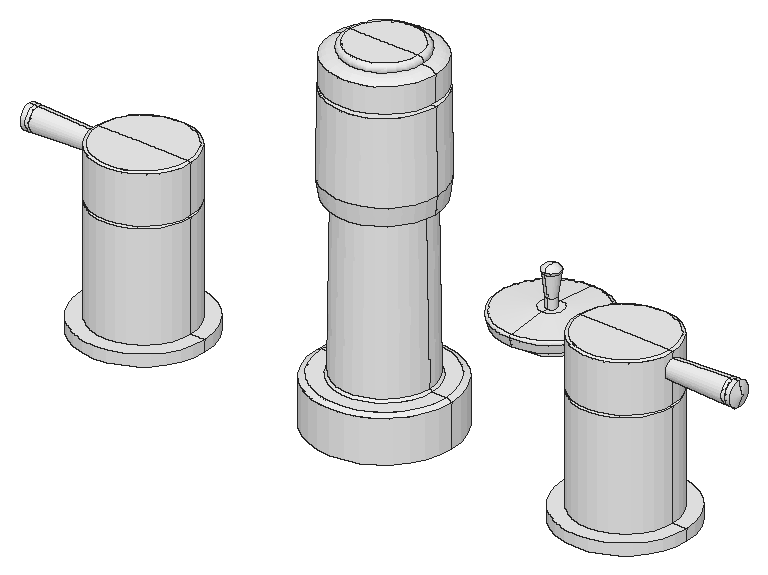
Revit family "Bidet_Two-Handle-American_Standard-Serin-2064.401", category Plumbing Fixtures, Revit 2014
Parameters (values of type "2064.401")
  Width = 0' - 2 1/4"
  Waste Connection = no
  WFU = 2
  Vent Connection = no
  URL = "http://www.americanstandard-us.com/"
  Type Comments = ""
  Specification = "Fixture-Mounted Bidet Fitting. Vacuum breaker. Metal Speed Connect pop-up drain. Lever handles."
  Product URL = "http://www.americanstandard-us.com/bathroom-faucets/serin-fixture-mounted-bidet-fitting-faucet/"
  Product Documentation Link = "http://www.americanstandard-us.com/assets/documents/amstd/spec/SpecSheet_1776.pdf"
  Model = "2064.401"
  Material = "Metal-American Standard-002-Polished Chrome"
  Manufacturer = "American Standard"
  Length = 0' - 8"
  Hot Water Connection Diameter = 0' - 0 1/2"
  Height = 0' - 2 3/4"
  HWFU = 1.5
  HW Connection = yes
  Description = "Serin Fixture-Mounted Bidet Fitting."
  Cost = 0
  Cold Water Connection Diameter = 0' - 0 1/2"
  CWFU = 1.5
  CW Connection = yes
  Assembly Code = "D2020300"
  ADA Compliant = yes
Reference planes (in)
  plane 1: y = 0
  plane 2: z = 0
  plane 3: x = 0
  plane 4: x = -4
  plane 5: x = 4
  plane 6: y = 3.46899
  plane 7: x = -4.7874
  plane 8: x = -4.69882
  plane 9: z = 2.75
  plane 10: x = 4.7874
  plane 11: x = 4.69882
  plane 12: z = 2.75
Forms (in)
  Revolve 1, solid, material "Metal-American Standard-002-Polished Chrome"
    sketch origin (-60, 0, 0) x (1, 0, 0) y (0, 0, 1)
      loop
        line (60, 5.65927) -> (59.43665, 5.65927)
        arc (59.43665, 5.65927) -> (59.37511, 5.62586) -> (59.36962, 5.55605) r 0.07337
        arc (59.36962, 5.55605) -> (59.24706, 5.53623) -> (59.1375, 5.47784) r 0.37871
        line (59.1375, 5.47784) -> (59.1375, 5.06693) -> (59.24371, 5.06693) -> (59.24371, 5.00787) -> (59.12802, 5.00787) -> (59.10497, 3.68704) -> (59.15143, 3.3937) -> (59.2874, 3.3937) -> (59.25197, 0.76915) -> (59.21313, 0.73031) -> (58.97031, 0.73031) -> (58.87795, 0.69111) -> (58.87795, 0) -> (59.44916, 0) -> (59.44916, -0.28194) -> (60, -0.28194) -> (60, 5.65927)
      axis (60, 5.65927) -> (60, -0.28194)
    angle from 0 to 360
  Revolve 2, solid, material "Metal-American Standard-002-Polished Chrome"
    sketch origin (-60, 0, 0) x (1, 0, 0) y (0, 0, 1)
      loop
        line (56, 2.75) -> (55.26007, 2.75) -> (55.2126, 2.72786) -> (55.2126, 1.95383) -> (55.30118, 1.95383) -> (55.30118, 1.91643) -> (55.2126, 1.91643) -> (55.2126, 0.18753) -> (54.97638, 0.18753) -> (54.97638, 0) -> (56, 0) -> (56, 2.75)
      axis (56, 2.75) -> (56, 0)
    angle from 0 to 360
  Revolve 3, solid, material "Metal-American Standard-002-Polished Chrome"
    sketch origin (60, 0, 0) x (-1, 0, 0) y (0, 0, -1)
      loop
        line (56, -2.75) -> (56, 0) -> (54.97638, 0) -> (54.97638, -0.18753) -> (55.2126, -0.18753) -> (55.2126, -1.91643) -> (55.30118, -1.91643) -> (55.30118, -1.95383) -> (55.2126, -1.95383) -> (55.2126, -2.72786) -> (55.26007, -2.75) -> (56, -2.75)
      axis (56, -2.75) -> (56, 0)
    angle from 0 to 360
  Revolve 4, solid, material "Metal-American Standard-002-Polished Chrome"
    sketch origin (0, -60, 0) x (0, 1, 0) y (0, 0, 1)
      loop
        line (63.46899, -0.26674) -> (63.94967, -0.26674) -> (63.94967, -0.03052) -> (64.29496, -0.03052) -> (64.33556, 0.11107)
        arc (64.33556, 0.11107) -> (64.32407, 0.1388) -> (64.29634, 0.15029) r 0.03922
        line (64.29634, 0.15029) -> (63.66298, 0.2057) -> (63.55347, 0.2057) -> (63.55347, 0.3674) -> (63.59921, 0.72848) -> (63.61323, 0.76227)
        arc (63.61323, 0.76227) -> (63.55285, 0.82321) -> (63.46899, 0.8413) r 0.15061
        line (63.46899, 0.8413) -> (63.46899, -0.26674)
      axis (63.46899, 0.8413) -> (63.46899, -0.26674)
    angle from 0 to 360
  Revolve 5, solid, material "Metal-American Standard-002-Polished Chrome"
    sketch origin (60, 0, -0.29687) x (-1, 0, 0) y (0, 0, -1)
      loop
        line (54.05333, -2.78903) -> (54.11286, -2.98374) -> (54.192, -2.98098) -> (54.22441, -2.95744) -> (54.25714, -2.9787) -> (55.41076, -2.93842) -> (55.41076, -2.78903) -> (54.05333, -2.78903)
      axis (54.05333, -2.78903) -> (55.41076, -2.78903)
    angle from 0 to 360
  Revolve 6, solid, material "Metal-American Standard-002-Polished Chrome"
    sketch origin (-60, 0, -0.29687) x (1, 0, 0) y (0, 0, 1)
      loop
        line (54.05333, 2.78903) -> (55.41076, 2.78903) -> (55.41076, 2.93842) -> (54.25714, 2.9787) -> (54.22441, 2.95744) -> (54.192, 2.98098) -> (54.11286, 2.98374) -> (54.05333, 2.78903)
      axis (54.05333, 2.78903) -> (55.41076, 2.78903)
    angle from 0 to 360
Cuts and joins
  joined: Revolve 1, Revolve 2, Revolve 3, Revolve 4
Lines and regions (in)
  Masking region 1
    outline origin (0, 0, 0) x (1, 0, 0) y (0, 1, 0)
      loop
        line (-5.01038, 0.1641) -> (-5.74286, 0.18967) -> (-5.77559, 0.16842) -> (-5.808, 0.19195) -> (-5.88714, 0.19471)
        arc (-5.88714, 0.19471) -> (-5.94679, 0) -> (-5.88714, -0.19471) r 0.34763
        line (-5.88714, -0.19471) -> (-5.808, -0.19195) -> (-5.77559, -0.16842) -> (-5.74286, -0.18967) -> (-5.01038, -0.1641)
        arc (-5.01038, -0.1641) -> (-2.97638, 0) -> (-5.01038, 0.1641) r 1.02362
      loop
        arc (5.01038, 0.1641) -> (2.97638, 0) -> (5.01038, -0.1641) r 1.02362
        line (5.01038, -0.1641) -> (5.74286, -0.18967) -> (5.77559, -0.16842) -> (5.808, -0.19195) -> (5.88714, -0.19471)
        arc (5.88714, -0.19471) -> (5.94679, 0) -> (5.88714, 0.19471) r 0.34763
        line (5.88714, 0.19471) -> (5.808, 0.19195) -> (5.77559, 0.16842) -> (5.74286, 0.18967) -> (5.01038, 0.1641)
      loop
        circle (0, 0) r 1.12205
      loop
        circle (0, 3.46899) r 0.86657
  symbolic lines, detail levels medium+fine
    curve 1: circle (-4, 0, 0) r 0.7874 normal (0, 0, -1)
    curve 4: circle (0, 0, 0) r 1.02969 normal (0, 0, 1)
    curve 6: circle (0, 3.46899, 0) r 0.194 normal (0, 0, -1)
    curve 12: line (-5.01038, 0.1641, 0) -> (-4.77184, 0.15577, 0)
    curve 13: line (-5.01038, -0.1641, 0) -> (-4.77184, -0.15577, 0)
    curve 14: circle (4, 0, 0) r 0.7874 normal (0, 0, 1)
    curve 19: line (5.01038, 0.1641, 0) -> (4.77184, 0.15577, 0)
    curve 20: line (5.01038, -0.1641, 0) -> (4.77184, -0.15577, 0)
  symbolic lines, detail levels fine
    curve 2: arc (-3.26408, 0.07686, 0) -> (-4.73892, -0.03848, 0) -> (-3.26007, 0, 0) r 0.73993
    curve 3: circle (0, 0, 0) r 0.63038 normal (0, 0, 1)
    curve 5: circle (0, 3.46899, 0) r 0.82735 normal (0, 0, -1)
    curve 7: arc (0, 3.61323, 0) -> (-0.14424, 3.46899, 0) -> (0, 3.32474, 0) r 0.14424
    curve 8: circle (0, 3.46899, 0) r 0.14424 normal (0, 0, 1)
    curve 9: line (-5.74286, 0.18967, 0) -> (-5.74286, -0.18967, 0)
    curve 10: line (-5.808, -0.19195, 0) -> (-5.808, 0.19195, 0)
    curve 11: line (-5.88714, 0.19471, 0) -> (-5.88714, -0.19471, 0)
    curve 15: arc (3.26408, 0.07686, 0) -> (4.73892, -0.03848, 0) -> (3.26007, 0, 0) r 0.73993
    curve 16: line (5.74286, 0.18967, 0) -> (5.74286, -0.18967, 0)
    curve 17: line (5.808, -0.19195, 0) -> (5.808, 0.19195, 0)
    curve 18: line (5.88714, 0.19471, 0) -> (5.88714, -0.19471, 0)
Dimensions and locks (in)
  plane 4 to plane 5 = 0' - 8"
  locked: plane 11 to plane 5 at 0.69882
  locked: plane 10 to plane 5 at 0.7874
  locked: plane 4 to plane 8 at 0.69882
  locked: plane 4 to plane 7 at 0.7874
  equal spacing: plane 4, plane 3, plane 5
  "Length": plane 4 to plane 5
  aligned and locked: plane 7 to Revolve 2 sketch curve
  aligned and locked: Revolve 2 sketch curve to plane 7
  aligned and locked: plane 8 to Revolve 2 sketch curve
  aligned and locked: Revolve 2 sketch curve to plane 4
  aligned and locked: plane 9 to Revolve 2 sketch curve
  aligned and locked: plane 10 to Revolve 3 sketch curve
  aligned and locked: Revolve 3 sketch curve to plane 10
  aligned and locked: plane 11 to Revolve 3 sketch curve
  aligned and locked: Revolve 3 sketch curve to plane 12
Automatic sketch dimensions
  Revolve 1 sketch curve to level = 0' - 0"
  Revolve 1 sketch curve to plane 3 = 0' - 0"  (x2)
  Revolve 1 sketch curve to plane 3 = 0' - 0.55084"
  Revolve 1 sketch curve to plane 3 = 0' - 0.56335"
  Revolve 1 sketch curve to Revolve 1 sketch curve = 0' - 0.06865"
  Revolve 1 sketch curve to plane 3 = 0' - 0.7126"
  Revolve 1 sketch curve to plane 3 = 0' - 0.74803"
  Revolve 1 sketch curve to Revolve 1 sketch curve = 0' - 0.12428"
  Revolve 1 sketch curve to Revolve 1 sketch curve = 0' - 0.03884"  (x2)
  Revolve 1 sketch curve to Revolve 1 sketch curve = 0' - 0.13597"
  Revolve 1 sketch curve to Revolve 1 sketch curve = 0' - 0.10622"
  Revolve 1 sketch curve to Revolve 1 sketch curve = 0' - 0.00947"
  Revolve 1 sketch curve to Revolve 1 sketch curve = 0' - 0.04646"
  Revolve 1 sketch curve to Revolve 1 sketch curve = 0' - 0.24282"
  Revolve 1 sketch curve to Revolve 1 sketch curve = 0' - 0.09236"
  Revolve 1 sketch curve to level = 0' - 0.28194"
  level to Revolve 1 sketch curve = 0' - 0.69111"
  Revolve 1 sketch curve to Revolve 1 sketch curve = 0' - 0.0392"
  Revolve 1 sketch curve to Revolve 1 sketch curve = 0' - 2.62455"
  Revolve 1 sketch curve to Revolve 1 sketch curve = 0' - 0.29334"
  Revolve 1 sketch curve to Revolve 1 sketch curve = 0' - 1.32083"
  Revolve 1 sketch curve to Revolve 1 sketch curve = 0' - 0.05906"
  Revolve 1 sketch curve to Revolve 1 sketch curve = 0' - 0.11042"
  Revolve 1 sketch curve to Revolve 1 sketch curve = 0' - 0.30049"
  Revolve 1 sketch curve to Revolve 1 sketch curve = 0' - 0.10806"
  Revolve 1 sketch curve to Revolve 1 sketch curve = 0' - 0.07337"
  Revolve 1 sketch curve to Revolve 1 sketch curve = 0' - 1.27159"
  Revolve 1 sketch curve to Revolve 1 sketch curve = 0' - 0 3/4"
  Revolve 2 sketch curve to level = 0' - 0"
  Revolve 2 sketch curve to plane 4 = 0' - 0"
  Revolve 2 sketch curve to plane 7 = 0' - 0.23622"
  Revolve 2 sketch curve to plane 8 = 0' - 0.04111"
  level to Revolve 2 sketch curve = 0' - 0.18753"
  plane 9 to Revolve 2 sketch curve = 0' - 0.83357"
  Revolve 2 sketch curve to Revolve 2 sketch curve = 0' - 0.0374"
  plane 9 to Revolve 2 sketch curve = 0' - 0.02214"
  Revolve 2 sketch curve to Revolve 2 sketch curve = 0' - 1.02273"
  Revolve 2 sketch curve to Revolve 2 sketch curve = 0' - 0 1/2"
  Revolve 3 sketch curve to level = 0' - 0"
  plane 5 to Revolve 3 sketch curve = 0' - 0"  (x2)
  plane 10 to Revolve 3 sketch curve = 0' - 0.23622"
  plane 11 to Revolve 3 sketch curve = 0' - 0.04111"
  plane 12 to Revolve 3 sketch curve = 0' - 0.02214"
  Revolve 3 sketch curve to Revolve 3 sketch curve = 0' - 0.77403"
  Revolve 3 sketch curve to Revolve 3 sketch curve = 0' - 0.0374"
  Revolve 3 sketch curve to Revolve 3 sketch curve = 0' - 0.18753"
  Revolve 3 sketch curve to Revolve 3 sketch curve = 0' - 0.3937"
  Revolve 3 sketch curve to Revolve 3 sketch curve = 0' - 0 1/2"
  Revolve 4 sketch curve to plane 6 = 0' - 0"  (x2)
  Revolve 4 sketch curve to plane 6 = 0' - 0.0115"
  Revolve 4 sketch curve to plane 6 = 0' - 0.08448"
  Revolve 4 sketch curve to Revolve 4 sketch curve = 0' - 0.11872"
  Revolve 4 sketch curve to Revolve 4 sketch curve = 0' - 0.01402"
  Revolve 4 sketch curve to Revolve 4 sketch curve = 0' - 0.10951"
  Revolve 4 sketch curve to Revolve 4 sketch curve = 0' - 0.48069"
  Revolve 4 sketch curve to level = 0' - 0.03052"
  Revolve 4 sketch curve to Revolve 4 sketch curve = 0' - 0.34528"
  Revolve 4 sketch curve to Revolve 4 sketch curve = 0' - 0.00138"
  level to Revolve 4 sketch curve = 0' - 0.11107"
  Revolve 4 sketch curve to Revolve 4 sketch curve = 0' - 0.03922"
  Revolve 4 sketch curve to level = 0' - 0.26674"
  level to Revolve 4 sketch curve = 0' - 0.2057"
  Revolve 4 sketch curve to Revolve 4 sketch curve = 0' - 0.1617"
  Revolve 4 sketch curve to Revolve 4 sketch curve = 0' - 0.32373"
  Revolve 4 sketch curve to Revolve 4 sketch curve = 0' - 0.03735"
  Revolve 4 sketch curve to Revolve 4 sketch curve = 0' - 0.03379"
  Revolve 4 sketch curve to Revolve 4 sketch curve = 0' - 0.03849"
  Revolve 4 sketch curve to Revolve 4 sketch curve = 0' - 0.06876"
  plane 1 to Masking region 1 sketch curve = 0' - 0"  (x5)
  Masking region 1 sketch curve to plane 4 = 0' - 0"
  Masking region 1 sketch curve to plane 3 = 0' - 0"  (x2)
  Masking region 1 sketch curve to plane 5 = 0' - 0"
  plane 6 to Masking region 1 sketch curve = 0' - 0"
  plane 1 to Masking region 1 sketch curve = 0' - 0.1641"  (x2)
  Masking region 1 sketch curve to plane 4 = 0' - 1.01038"
  Masking region 1 sketch curve to plane 1 = 0' - 0.1641"  (x2)
  Masking region 1 sketch curve to Masking region 1 sketch curve = 0' - 0.58877"  (x2)
  Masking region 1 sketch curve to plane 1 = 0' - 0.18967"  (x2)
  Masking region 1 sketch curve to Masking region 1 sketch curve = 0' - 0.1437"  (x4)
  plane 1 to Masking region 1 sketch curve = 0' - 0.18967"  (x2)
  Masking region 1 sketch curve to plane 1 = 0' - 0.16842"  (x2)
  Masking region 1 sketch curve to Masking region 1 sketch curve = 0' - 0.03273"  (x4)
  plane 1 to Masking region 1 sketch curve = 0' - 0.16842"  (x2)
  Masking region 1 sketch curve to plane 1 = 0' - 0.19195"  (x2)
  Masking region 1 sketch curve to Masking region 1 sketch curve = 0' - 0.03241"  (x4)
  plane 1 to Masking region 1 sketch curve = 0' - 0.19195"  (x2)
  Masking region 1 sketch curve to plane 1 = 0' - 0.19471"  (x2)
  Masking region 1 sketch curve to Masking region 1 sketch curve = 0' - 0.07914"  (x2)
  plane 1 to Masking region 1 sketch curve = 0' - 0.19471"  (x2)
  Masking region 1 sketch curve to plane 5 = 0' - 1.01038"
  curve 1 to curve 2 = 0' - 0"  (x2)
  curve 3 to curve 4 = 0' - 0"  (x2)
  curve 5 to curve 6 = 0' - 0"  (x2)
  curve 5 to curve 7 = 0' - 0"  (x2)
  curve 5 to curve 8 = 0' - 0"  (x2)
  curve 6 to curve 7 = 0' - 0"  (x2)
  curve 6 to curve 8 = 0' - 0"  (x2)
  curve 7 to curve 8 = 0' - 0"  (x2)
  curve 14 to curve 15 = 0' - 0"  (x2)
  plane 1 to curve 2 = 0' - 0"
  curve 2 to plane 4 = 0' - 0"
  curve 7 to plane 3 = 0' - 0"
  plane 1 to curve 4 = 0' - 0"
  curve 4 to plane 3 = 0' - 0"
  plane 1 to curve 15 = 0' - 0"
  curve 14 to plane 5 = 0' - 0"
  plane 6 to curve 7 = 0' - 0"
  curve 12 to plane 1 = 0' - 0.15577"
  curve 12 to plane 4 = 0' - 0.77184"
  plane 1 to curve 13 = 0' - 0.15577"
  curve 12 to plane 1 = 0' - 0.1641"
  curve 12 to curve 12 = 0' - 0.23854"
  plane 1 to curve 13 = 0' - 0.1641"
  curve 13 to curve 13 = 0' - 0.23854"
  curve 9 to plane 1 = 0' - 0.18967"
  curve 9 to curve 12 = 0' - 0.73247"
  curve 10 to curve 9 = 0' - 0.06514"
  curve 11 to curve 10 = 0' - 0.07914"
  curve 2 to plane 1 = 0' - 0.07686"
  plane 4 to curve 2 = 0' - 0.73592"
  plane 5 to curve 15 = 0' - 0.73993"
  curve 15 to plane 1 = 0' - 0.07686"
  curve 19 to plane 1 = 0' - 0.15577"
  curve 19 to plane 5 = 0' - 0.77184"
  plane 1 to curve 20 = 0' - 0.15577"
  curve 19 to plane 1 = 0' - 0.1641"
  curve 19 to curve 19 = 0' - 0.23854"
  plane 1 to curve 20 = 0' - 0.1641"
  curve 20 to curve 20 = 0' - 0.23854"
  plane 1 to curve 16 = 0' - 0.18967"
  curve 20 to curve 16 = 0' - 0.73247"
  curve 16 to curve 17 = 0' - 0.06514"
  curve 17 to curve 18 = 0' - 0.07914"
  plane 1 to curve 9 = 0' - 0.18967"
  curve 17 to curve 16 = 0' - 0.00227"
  curve 10 to curve 9 = 0' - 0.00227"
  curve 11 to curve 10 = 0' - 0.00276"
  curve 18 to curve 17 = 0' - 0.00276"
  curve 16 to plane 1 = 0' - 0.18967"
  curve 16 to curve 17 = 0' - 0.00227"
  curve 9 to curve 10 = 0' - 0.00227"
  curve 17 to curve 18 = 0' - 0.00276"
  curve 10 to curve 11 = 0' - 0.00276"
  plane 6 to curve 7 = 0' - 0.14424"
  Revolve 5 sketch curve to plane 5 = 0' - 1.94667"
  Revolve 5 sketch curve to Revolve 5 sketch curve = 0' - 0.05953"
  Revolve 5 sketch curve to Revolve 5 sketch curve = 0' - 0.07914"
  Revolve 5 sketch curve to Revolve 5 sketch curve = 0' - 0.03241"
  Revolve 5 sketch curve to Revolve 5 sketch curve = 0' - 0.03273"
  Revolve 5 sketch curve to plane 5 = 0' - 0.58924"
  level to Revolve 5 sketch curve = 0' - 2.68686"
  Revolve 5 sketch curve to Revolve 5 sketch curve = 0' - 0.00276"
  Revolve 5 sketch curve to Revolve 5 sketch curve = 0' - 0.00227"
  Revolve 5 sketch curve to Revolve 5 sketch curve = 0' - 0.02126"
  Revolve 5 sketch curve to Revolve 5 sketch curve = 0' - 0.04029"
  Revolve 5 sketch curve to Revolve 5 sketch curve = 0' - 0.19471"
  Revolve 5 sketch curve to Revolve 5 sketch curve = 0' - 0.18631"
  Revolve 5 sketch curve to Revolve 5 sketch curve = 0' - 0.22462"
  Revolve 5 sketch curve to Revolve 5 sketch curve = 0' - 0.18967"
  Revolve 6 sketch curve to plane 4 = 0' - 1.94667"
  Revolve 6 sketch curve to Revolve 6 sketch curve = 0' - 0.05953"
  Revolve 6 sketch curve to Revolve 6 sketch curve = 0' - 0.07914"
  Revolve 6 sketch curve to Revolve 6 sketch curve = 0' - 0.03241"
  Revolve 6 sketch curve to Revolve 6 sketch curve = 0' - 0.03273"
  Revolve 6 sketch curve to plane 4 = 0' - 0.58924"
  level to Revolve 6 sketch curve = 0' - 2.49215"
  Revolve 6 sketch curve to Revolve 6 sketch curve = 0' - 0.14939"
  Revolve 6 sketch curve to Revolve 6 sketch curve = 0' - 0.16842"
  Revolve 6 sketch curve to Revolve 6 sketch curve = 0' - 0.02126"
  Revolve 6 sketch curve to Revolve 6 sketch curve = 0' - 0.02353"
  Revolve 6 sketch curve to Revolve 6 sketch curve = 0' - 0.00276"
  Revolve 6 sketch curve to Revolve 6 sketch curve = 0' - 0.18631"
  Revolve 6 sketch curve to Revolve 6 sketch curve = 0' - 0.22462"
  Revolve 6 sketch curve to Revolve 6 sketch curve = 0' - 0.18967"
  radius of Masking region 1 sketch curve = 0' - 1.12205"
  radius of Masking region 1 sketch curve = 0' - 0.86657"
  radius of curve 3 = 0' - 0.63038"
  radius of curve 4 = 0' - 1.02969"
  radius of curve 5 = 0' - 0.82735"
  radius of curve 6 = 0' - 0.194"
  radius of curve 8 = 0' - 0.14424"
Connectors (in)
  piping at (4, 0, 0), diameter 0.5, driven by "CWFU"
    settings: on cut or joined group of Revolve 1, Revolve 2, Revolve 3, Revolve 4, index 1, connector inside diameter 24", connector length 0' - 0", flow factor 0, pipe flow 0 GPM, pressure drop 0.00 psi, fitting loss kfactor 0, connector angle 0.00°, fixture units 1.5, engagement length 0' - 0", angle of deflection 0.00°, flow configuration 3, flow direction 1, fitting loss method 0, system type 20, joint type 0, gender type 0, connector reference index -1, connector utility 0, adjustable connector no, is connector primary yes, connector description "1/2\" CW Supply Inlet"
  piping at (-4, 0, 0), diameter 0.5, driven by "HWFU"
    settings: on cut or joined group of Revolve 1, Revolve 2, Revolve 3, Revolve 4, index 2, connector inside diameter 24", connector length 0' - 0", flow factor 0, pipe flow 0 GPM, pressure drop 0.00 psi, fitting loss kfactor 0, connector angle 0.00°, fixture units 1.5, engagement length 0' - 0", angle of deflection 0.00°, flow configuration 3, flow direction 1, fitting loss method 0, system type 19, joint type 0, gender type 0, connector reference index -1, connector utility 0, adjustable connector no, is connector primary no, connector description "1/2\" HW Supply Inlet"
